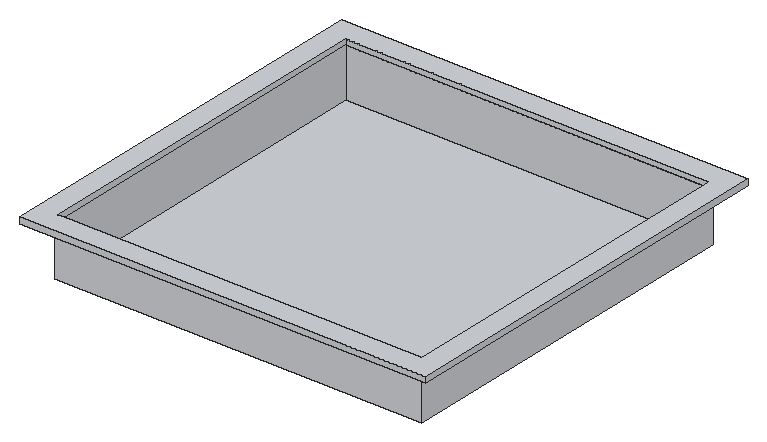
Revit family "FW-IP30-Without_Door-With_notch-leer-AT-de", category Electrical Equipment, host Face, Revit 2020
Family settings
  Host = Face
  Panel Configuration = Two Columns, Circuits Across
  Round Connector Dimension = Use Diameter
  Part Type = Panelboard
  Cut with Voids When Loaded = No
  Shared = No
  Room Calculation Point = No
Parameters (values of type "Unterputz IP30 B853 H853 T125 0 Teilungseinheiten - FWU53L")
  Width Control [instance] = if([HG000006 - Unterputz], if([EF000846 - Einbaubreite] > min_whd, [EF000846 - Einbaubreite], min_whd), if([EF000008 - Breite] > min_whd, ([EF000008 - Breite]), min_whd))  # 810 mm
  Void Depth [instance] = if([HG000006 - Unterputz], Depth Control, 1 mm)  # 112 mm
  Type Comments = [HG000003 - Bereich]  # "FW"
  System Height [instance] = Height Control - 2 * [HG000005 - Dicke]  # 796 mm
  Model = [HG000004 - Herstellerreferenz]  # "FWU53L"
  HG000011 - Leere Reihen von unten = no
  HG000010 - Asymmetrische Türen = no
  HG000009 - Doppelflügeligen Tür = no
  HG000008 - Anzahl der leeren Reihen = 0
  HG000007 - Anzahl der leeren Spalten = 0
  HG000006 - Unterputz = yes
  HG000005 - Dicke = 3 mm  # constant formula
  HG000004 - Herstellerreferenz = "FWU53L"
  HG000003 - Bereich = "FW"
  HG000002 - Mit tür = no
  HG000001 - Anzahl der Spalten = 0
  EF015941 - Signaldurchlassende Tür = no
  EF015777 - Neutralleiterklemmenblock = no
  EF015776 - Erdungsklemmenblock = no
  EF009212 - Ausführung Deckel = "EV009916 - mit Ausschnitt"
  EF006306 - Mit Schloss = no
  EF006244 - Transparenter Deckel/Tür = yes
  EF005474 - Schutzart (IP) = "EV006410 - IP30"
  EF004462 - Art der Schließung = "EV000154 - sonstige"
  EF002950 - Breite in Teilungseinheiten = 0
  EF001596 - Werkstoff des Gehäuses = "0"
  EF001134 - DIN-Schiene = no
  EF001131 - Innentiefe = 112 mm
  EF001088 - Anbaumöglichkeit = no
  EF001062 - EMV-Ausführung = no
  EF000846 - Einbaubreite = 810 mm
  EF000339 - Art der Abdeckung = "EV000494 - ohne"
  EF000332 - Einbauhöhe = 802 mm
  EF000266 - Anzahl der Reihen = 0
  EF000218 - Einbautiefe = 112 mm
  EF000118 - Mit Montageplatte = no
  EF000116 - RAL-Nummer = "0"
  EF000049 - Tiefe = 125 mm
  EF000040 - Höhe = 853 mm
  EF000008 - Breite = 853 mm
  EF000007 - Farbe = "EV000202 - weiß"
  EF000003 - Montageart = "EV000128 - Hohlwand"
  Arrow Offset [instance] = Depth Control / 8  # 14 mm
  Arrow Height [instance] = Depth Control - Arrow Offset  # 98 mm
  Host Offset [instance] = if([HG000006 - Unterputz], 0 mm, [EF000049 - Tiefe])  # 0 mm
  min_whd [instance] = (2 * [HG000005 - Dicke]) + 1 mm  # 7 mm
  Manufacturer = "Hager"  # constant formula
  Height Control [instance] = if([HG000006 - Unterputz], if([EF000332 - Einbauhöhe] > min_whd, [EF000332 - Einbauhöhe], min_whd), if([EF000040 - Höhe] > min_whd, ([EF000040 - Höhe]), min_whd))  # 802 mm
  Flush Mounted - Door Frame Width [instance] = if(([EF000040 - Höhe] - [EF000332 - Einbauhöhe]) > 0 mm, if([HG000006 - Unterputz], [EF000040 - Höhe] - [EF000332 - Einbauhöhe], 0 mm), 0 mm)  # 51 mm
  Tür rechts [instance] = yes
  Tür links [instance] = not(Tür rechts)  # no
  Türschwenkwinkel [instance] = 45.00°
  3D-Türsichtbarkeit [instance] = yes
  Depth Control [instance] = if([HG000006 - Unterputz], if([EF000218 - Einbautiefe] > 0 mm, [EF000218 - Einbautiefe], 1 mm), if([EF000049 - Tiefe] > 0 mm, ([EF000049 - Tiefe]), 1 mm))  # 112 mm
  Default Elevation = 0 mm
  Sichtbarkeit der Türöffnung [instance] = no
Types (16, lengths in mm): name | Width Control | System Height | Model | HG000004 - Herstellerreferenz | EF000846 - Einbaubreite | EF000332 - Einbauhöhe | EF000040 - Höhe | EF000008 - Breite | Height Control
  Unterputz IP30 B353 H1003 T125 0 Teilungseinheiten - FWU61L | 310 | 946 | "FWU61L" | "FWU61L" | 310 | 952 | 1003 | 353 | 952
  Unterputz IP30 B353 H1153 T125 0 Teilungseinheiten - FWU71L | 310 | 1096 | "FWU71L" | "FWU71L" | 310 | 1102 | 1153 | 353 | 1102
  Unterputz IP30 B353 H1303 T125 0 Teilungseinheiten - FWU81L | 310 | 1246 | "FWU81L" | "FWU81L" | 310 | 1252 | 1303 | 353 | 1252
  Unterputz IP30 B353 H553 T125 0 Teilungseinheiten - FWU31L | 310 | 496 | "FWU31L" | "FWU31L" | 310 | 502 | 553 | 353 | 502
  Unterputz IP30 B353 H703 T125 0 Teilungseinheiten - FWU41L | 310 | 646 | "FWU41L" | "FWU41L" | 310 | 652 | 703 | 353 | 652
  Unterputz IP30 B353 H853 T125 0 Teilungseinheiten - FWU51L | 310 | 796 | "FWU51L" | "FWU51L" | 310 | 802 | 853 | 353 | 802
  Unterputz IP30 B603 H1003 T125 0 Teilungseinheiten - FWU62L | 560 | 946 | "FWU62L" | "FWU62L" | 560 | 952 | 1003 | 603 | 952
  Unterputz IP30 B603 H1153 T125 0 Teilungseinheiten - FWU72L | 560 | 1096 | "FWU72L" | "FWU72L" | 560 | 1102 | 1153 | 603 | 1102
  Unterputz IP30 B603 H553 T125 0 Teilungseinheiten - FWU32L | 560 | 496 | "FWU32L" | "FWU32L" | 560 | 502 | 553 | 603 | 502
  Unterputz IP30 B603 H703 T125 0 Teilungseinheiten - FWU42L | 560 | 646 | "FWU42L" | "FWU42L" | 560 | 652 | 703 | 603 | 652
  Unterputz IP30 B603 H853 T125 0 Teilungseinheiten - FWU52L | 560 | 796 | "FWU52L" | "FWU52L" | 560 | 802 | 853 | 603 | 802
  Unterputz IP30 B853 H1003 T125 0 Teilungseinheiten - FWU63L | 810 | 946 | "FWU63L" | "FWU63L" | 810 | 952 | 1003 | 853 | 952
  Unterputz IP30 B853 H1153 T125 0 Teilungseinheiten - FWU73L | 810 | 1096 | "FWU73L" | "FWU73L" | 810 | 1102 | 1153 | 853 | 1102
  Unterputz IP30 B853 H553 T125 0 Teilungseinheiten - FWU33L | 810 | 496 | "FWU33L" | "FWU33L" | 810 | 502 | 553 | 853 | 502
  Unterputz IP30 B853 H703 T125 0 Teilungseinheiten - FWU43L | 810 | 646 | "FWU43L" | "FWU43L" | 810 | 652 | 703 | 853 | 652
  Unterputz IP30 B853 H853 T125 0 Teilungseinheiten - FWU53L | 810 | 796 | "FWU53L" | "FWU53L" | 810 | 802 | 853 | 853 | 802
Reference planes
  plane 1 "Center (Front/Back)": y = 0
  plane 2: z = 0
  plane 3 "Center (Left/Right)": x = 0
  plane 4: z = 0
  plane 5: y = 54
  plane 6: z = -5
  plane 7: y = 452
  plane 8: y = 51
  plane 9: y = 853
  plane 10: z = -112
  plane 11: x = -405
  plane 12: x = 405
  plane 13: x = 402
  plane 14: x = -402
  plane 15: y = 850
  plane 16: z = -109
  plane 17: z = -3
  plane 18: z = -112
  plane 19: z = -3
Forms (mm)
  Extrusion 1, solid
    sketch origin (-583.045, 51, 1219.2) x (-1, 0, 0) y (0, 0, 1)
      loop
        line (-178.045, -1219.2) -> (-988.045, -1219.2) -> (-988.045, -1331.2) -> (-178.045, -1331.2) -> (-178.045, -1219.2)
    from 0 to 802 <- "Height Control"
  Extrusion 2, void
    sketch origin (-381.607, -4572, 0) x (0, -1, 0) y (-1, 0, 0)
      loop
        line (-5422, 20.393) -> (-5422, -783.607) -> (-4626, -783.607) -> (-4626, 20.393) -> (-5422, 20.393)
    from 0 to 109
  Extrusion 3, void
    sketch origin (0, 0, 0) x (1, 0, 0) y (0, 1, 0)
      loop
        line (-405, 51) -> (405, 51) -> (405, 853) -> (-405, 853) -> (-405, 51)
    from -112 to 1
  Extrusion 4, solid, detail levels coarse
    sketch origin (-381.607, -4572, 0) x (-1, 0, 0) y (0, -1, 0)
      loop
        line (20.393, -5422) -> (20.393, -4626) -> (-783.607, -4626) -> (-783.607, -5422) -> (20.393, -5422)
    from 0 to -3
Cuts and joins
  Extrusion 2 cuts Extrusion 1
Dimensions and locks
  plane 4 to plane 6 = 5 mm
  "Host Offset": plane 4 to host face
  "Flush Mounted - Door Frame Width": plane 1 "Center (Front/Back)" to plane 8
  "HG000005 - Dicke": plane 5 to plane 8
  locked: connector elem to plane 3 "Center (Left/Right)"
  "Height Control": plane 9 to plane 8
  equal spacing: plane 9, plane 7, plane 8
  locked: connector elem to plane 7
  "Depth Control": plane 4 to plane 10
  "HG000005 - Dicke": plane 11 to plane 14
  "HG000005 - Dicke": plane 12 to plane 13
  equal spacing: plane 11, plane 3 "Center (Left/Right)", plane 12
  "Width Control": plane 11 to plane 12
  "Arrow Offset": nested 4 to plane 10
  "HG000005 - Dicke": plane 9 to plane 15
  "HG000005 - Dicke": plane 16 to plane 10
  "HG000005 - Dicke": plane 4 to plane 17
  "Void Depth": plane 2 to plane 18
  "HG000005 - Dicke": plane 4 to plane 19
  aligned and locked: plane 2 to host face
  aligned and locked: level to host face
  aligned and locked: plane 3 "Center (Left/Right)" to nested 2
  aligned and locked: nested 2 to plane 4
  aligned and locked: nested 2 to plane 8
  aligned and locked: nested 1 to plane 6
  aligned and locked: nested 1 to plane 5
  aligned and locked: nested 4 to plane 11
  aligned and locked: nested 3 to plane 4
  aligned and locked: Extrusion 1 sketch curve to plane 12
  aligned and locked: Extrusion 1 sketch curve to plane 11
  aligned and locked: nested 3 to plane 10
  aligned and locked: plane 10 to Extrusion 1 sketch curve
  aligned and locked: Extrusion 2 sketch curve to plane 5
  aligned and locked: Extrusion 2 sketch curve to plane 15
  aligned and locked: Extrusion 2 sketch curve to plane 14
  aligned and locked: Extrusion 2 sketch curve to plane 13
  aligned and locked: plane 11 to Extrusion 3 sketch curve
  aligned and locked: plane 9 to Extrusion 3 sketch curve
  aligned and locked: Extrusion 3 sketch curve to plane 8
  aligned and locked: plane 12 to Extrusion 3 sketch curve
  aligned and locked: nested 3 to plane 12
  aligned and locked: Extrusion 3 to plane 18
  aligned and locked: Extrusion 2 to plane 16
  aligned and locked: Extrusion 1 sketch curve to plane 4
  aligned and locked: Extrusion 4 to plane 17
  aligned and locked: Extrusion 4 sketch curve to plane 15
  aligned and locked: Extrusion 4 sketch curve to plane 13
  aligned and locked: Extrusion 4 sketch curve to plane 14
  aligned and locked: Extrusion 4 sketch curve to plane 5
Automatic sketch dimensions
  host sketch curve to host sketch curve = 1469.727 mm
  host sketch curve to host sketch curve = 1318.837 mm
Nested families
  nested 1: "Hager_Enclosure_System" at (0, 54, -5) x (1, 0, 0) z (0, 1, 0), Depth <- "HG000005 - Dicke", Height <- "System Height", Width <- "EF000008 - Breite", Border <- "HG000005 - Dicke", Flush_Mounted <- "HG000006 - Unterputz", Built-in_Width <- "EF000846 - Einbaubreite", Row_Module_Multiplicator <- "EF002950 - Breite in Teilungseinheiten", Total_No_Empty_Rows <- "HG000008 - Anzahl der leeren Reihen", Total_No_Rows <- "EF000266 - Anzahl der Reihen", Empty_Columns <- "HG000007 - Anzahl der leeren Spalten", No_Rows <- "EF000266 - Anzahl der Reihen", No_Columns <- "HG000001 - Anzahl der Spalten", Width_Control <- "Width Control", Empty_Rows_From_Bottom <- "HG000011 - Leere Reihen von unten", type "Hager_Enclosure_System", detail levels medium+fine
    with Width_Control 810 mm, Width 853 mm, Total_No_Rows 0, Total_No_Empty_Rows 0, Total_No_Columns 1, System_Width 804 mm, Rows_Column 0, Row_Module_Multiplicator 0, Panel_4 no, Panel_3 no, Panel_2 no, Panel_1 no, No_Rows 0, No_Panels_Ctrl 1, No_Columns 0, Hide_Columns yes, Height 796 mm, Flush_Mounted yes, Empty_Rows_From_Bottom no, Empty_Rows_Column 0, Empty_Columns 0, Depth 3 mm, Column_Width 804 mm, Built-in_Width 810 mm, Border 3 mm
  nested 2: "Hager_Enclosure_Door" at (0, 51, 0) x (1, 0, 0) z (0, 1, 0), Border <- "HG000005 - Dicke", Door_Right <- "Tür rechts", Flush_Mounted <- "HG000006 - Unterputz", Depth <- "EF000049 - Tiefe", Width <- "EF000008 - Breite", Door_Left <- "Tür links", 3d_Door <- "3D-Türsichtbarkeit", BuiltIn_Width <- "EF000846 - Einbaubreite", BuiltIn_Height <- "EF000332 - Einbauhöhe", BuiltIn_Depth <- "EF000218 - Einbautiefe", Angle <- "Türschwenkwinkel", Assymetrical <- "HG000010 - Asymmetrische Türen", Double <- "HG000009 - Doppelflügeligen Tür", Clearance <- "Sichtbarkeit der Türöffnung", Transparent <- "EF006244 - Transparenter Deckel/Tür", Door <- "HG000002 - Mit tür", Height_Ctrl <- "Height Control", Width_Ctrl <- "Width Control", Height <- "EF000040 - Höhe", type "Hager_Enclosure_Door", detail levels medium+fine
    with min_wh 7 mm, Width_Ctrl 810 mm, Width 853 mm, Transparent yes, Leaf_Width 801 mm, Leaf_Tolerance 1.5 mm, Leaf_Height 793 mm, Leaf_2_Width 801 mm, Leaf_2_Offset 400.5 mm, Leaf_1_Width 801 mm, Leaf_1_Offset 400.5 mm, Height_Ctrl 802 mm, Height 853 mm, Frame_Width_Ctrl 43 mm, Frame_Width 43 mm, Frame_Internal_Offset 3 mm, Frame_Height_Ctrl 51 mm, Frame_Height 51 mm, Frame_Depth_Ctrl 13 mm, Frame_Depth 13 mm, Flush_Mounted yes, Double_Clearance_Ctrl no, Double no, Door_Right_Ctrl no, Door_Right yes, Door_Left_Ctrl no, Door_Left no, Door no, Depth 125 mm, Clearance_Depth 801 mm, Clearance_Ctrl no, Clearance no, BuiltIn_Width 810 mm, BuiltIn_Height 802 mm, BuiltIn_Depth 112 mm, Border 3 mm, Assymetrical no, Angle 45.00°, 3d_Door yes
  nested 3: "Hager_Enclosure_Symbol_Triangle" at (-405, 0, -112) x (1, 0, 0) z (0, -1, 0), Depth <- "Depth Control", Width <- "Width Control", type "Hager_Enclosure_Symbol_Triangle"
    with Width_Ctrl 810 mm, Width 810 mm, Depth_Ctrl 112 mm, Depth 112 mm
  nested 4: "Hager_Enclosure_Symbol_Arrow" at (-405, 0, -98) x (1, 0, 0) z (0, -1, 0), Height <- "Arrow Height", type "Hager_Enclosure_Symbol_Arrow"
    with Width_Inside 7.35 mm, Width 88.2 mm, Height_Ctrl 98 mm, Height 98 mm
Connectors
  electrical at (0, 452, -112)
    settings: on plane 10, index 1, voltage 0 V, apparent load 0 VA, apparent load phase1 0 VA, apparent load phase2 0 VA, apparent load phase3 0 VA, power factor 1, load classification "Other", number of poles 1, system type 30, power factor state 1, is connector primary yes, connector utility no, sub classification motor no, connector description ""
Definition of nested family "Hager_Enclosure_Door"
  Parameters (values of type "Hager_Enclosure_Door")
    min_wh [instance] = (2 * Border) + 1 mm  # 11 mm
    Width_Ctrl [instance] = 400 mm
    Width [instance] = 500 mm
    Transparent [instance] = yes
    Leaf_Width [instance] = if((Width_Ctrl - 2 * Border - 2 * Leaf_Tolerance) > 0 mm, (Width_Ctrl - 2 * Border - 2 * Leaf_Tolerance), min_wh)  # 387 mm
    Leaf_Tolerance [instance] = 1.5 mm  # constant formula
    Leaf_Height [instance] = if((Height_Ctrl - 2 * Border - 2 * Leaf_Tolerance) > 0 mm, (Height_Ctrl - 2 * Border - 2 * Leaf_Tolerance), min_wh)  # 387 mm
    Leaf_2_Width [instance] = if(and(and(Double, Assymetrical), Door_Left), (Leaf_Width / 3) - (Leaf_Tolerance / 2), if(and(and(Double, Assymetrical), Door_Right), (Leaf_Width / 3) * 2 - (Leaf_Tolerance / 2), if(and(Double, not(Assymetrical)), (Leaf_Width / 2) - Leaf_Tolerance, Leaf_Width)))  # 192 mm
    Leaf_2_Offset [instance] = if(and(Double, Assymetrical), Leaf_2_Width / 2, if(and(Double, not(Assymetrical)), Leaf_Width / 4, Leaf_Width / 2))  # 96.75 mm
    Leaf_1_Width [instance] = if(and(and(Double, Assymetrical), Door_Right), (Leaf_Width / 3) - (Leaf_Tolerance / 2), if(and(and(Double, Assymetrical), Door_Left), (Width / 3) * 2 - (Leaf_Tolerance / 2), if(and(Double, not(Assymetrical)), (Leaf_Width / 2) - Leaf_Tolerance, Leaf_Width)))  # 192 mm
    Leaf_1_Offset [instance] = if(and(Double, Assymetrical), Leaf_1_Width / 2, if(and(Double, not(Assymetrical)), Leaf_Width / 4, Leaf_Width / 2))  # 96.75 mm
    Height_Ctrl [instance] = 400 mm
    Height [instance] = 500 mm
    Frame_Width_Ctrl [instance] = if(Frame_Width > 0 mm, Frame_Width, 1 mm)  # 1 mm
    Frame_Width [instance] = Width - BuiltIn_Width  # 0 mm
    Frame_Internal_Offset [instance] = if(Flush_Mounted, Border, 0 mm)  # 0 mm
    Frame_Height_Ctrl [instance] = if(Frame_Height > 0 mm, Frame_Height, 1 mm)  # 1 mm
    Frame_Height [instance] = Height - BuiltIn_Height  # 0 mm
    Frame_Depth_Ctrl [instance] = if(Frame_Depth > 0 mm, Frame_Depth, 1 mm)  # 1 mm
    Frame_Depth [instance] = if(Depth - BuiltIn_Depth > 0 mm, if(Flush_Mounted, Depth - BuiltIn_Depth, 0 mm), 0 mm)  # 0 mm
    Flush_Mounted [instance] = no
    Double_Clearance_Ctrl [instance] = and(Double, Clearance)  # yes
    Double [instance] = yes
    Door_Right_Ctrl [instance] = and(or(Door_Right, Double), Door)  # yes
    Door_Right [instance] = yes
    Door_Left_Ctrl [instance] = and(or(Door_Left, Double), Door)  # yes
    Door_Left [instance] = no
    Door [instance] = yes
    Depth [instance] = 500 mm
    Default Elevation = 1219.2 mm
    Clearance_Material = none
    Clearance_Depth [instance] = if(Leaf_1_Width > Leaf_2_Width, Leaf_1_Width, Leaf_2_Width)  # 192 mm
    Clearance_Ctrl [instance] = and(not(Double), Clearance)  # no
    Clearance [instance] = yes
    BuiltIn_Width [instance] = 500 mm
    BuiltIn_Height [instance] = 500 mm
    BuiltIn_Depth [instance] = 500 mm
    Border [instance] = 5 mm
    Assymetrical [instance] = no
    Angle [instance] = 65.00°
    3d_Door [instance] = yes
  Reference planes
    plane 1 "Center (Front/Back)": y = 0
    plane 2 "Bottom": z = 0
    plane 3 "Center (Left/Right)": x = 0
    plane 4: z = 400
    plane 5: x = -200
    plane 6: x = 200
    plane 7: z = 395
    plane 8: x = -195
    plane 9: z = 5
    plane 10: x = 195
    plane 11: y = 0
    plane 12: z = 6.5
    plane 13: x = -387
    plane 14: y = -192
    plane 15: x = 387
    plane 16: x = -96.75
    plane 17: x = 96.75
    plane 18: x = -193.5
    plane 19: x = 193.5
    plane 20: z = 393.5
  Forms (mm)
    Extrusion 1, solid, visible <- "Flush_Mounted"
      sketch origin (0, 0, 0) x (1, 0, 0) y (0, 0, 1)
        loop
          line (200, 0) -> (200, 400) -> (-200, 400) -> (-200, 0) -> (200, 0)
        loop
          line (-201, 401) -> (-201, -1) -> (201, -1) -> (201, 401) -> (-201, 401)
      from 0 to 1 <- "Frame_Depth_Ctrl"
    Extrusion 2, solid, material <- "Clearance_Material", visible <- "Double_Clearance_Ctrl"
      sketch origin (1200, 0, 0) x (1, 0, 0) y (0, 0, -1)
        loop
          line (-1587, -393.5) -> (-813, -393.5) -> (-813, 0) -> (-1587, 0) -> (-1587, -393.5)
      from 0 to -192
  Dimensions and locks
    equal spacing: plane 5, plane 3 "Center (Left/Right)", plane 6
    "Width_Ctrl": plane 5 to plane 6
    "Border": plane 5 to plane 8
    "Border": plane 6 to plane 10
    "Border": plane 9 to level
    "Border": plane 4 to plane 7
    "Height_Ctrl": plane 4 to level
    "Leaf_Tolerance": plane 12 to plane 9
    "Frame_Depth": plane 11 to plane 1 "Center (Front/Back)"
    "Frame_Width_Ctrl": plane 5 to Extrusion 1 sketch curve
    "Frame_Width_Ctrl": plane 6 to Extrusion 1 sketch curve
    "Frame_Width_Ctrl": Extrusion 1 sketch curve to plane 4
    "Frame_Width_Ctrl": plane 2 "Bottom" to Extrusion 1 sketch curve
    "Leaf_1_Offset": plane 18 to plane 16
    "Leaf_2_Offset": plane 17 to plane 19
    "Leaf_1_Width": plane 13 to plane 8
    "Leaf_2_Width": plane 10 to plane 15
    "Clearance_Depth": plane 14 to plane 1 "Center (Front/Back)"
    "Leaf_Tolerance": plane 8 to plane 18
    "Leaf_Tolerance": plane 19 to plane 10
    "Leaf_Tolerance": plane 7 to plane 20
    "Frame_Internal_Offset": plane 5 to Extrusion 1 sketch curve
    "Frame_Internal_Offset": Extrusion 1 sketch curve to plane 2 "Bottom"
    "Frame_Internal_Offset": plane 6 to Extrusion 1 sketch curve
    "Frame_Internal_Offset": plane 4 to Extrusion 1 sketch curve
    aligned and locked: level to plane 2 "Bottom"
    aligned and locked: nested 1 to plane 16
    aligned and locked: nested 2 to plane 17
    aligned and locked: Extrusion 2 to plane 13
    aligned and locked: plane 15 to Extrusion 2
    aligned and locked: Extrusion 2 to plane 14
    aligned and locked: plane 12 to nested 1
    aligned and locked: nested 2 to plane 12
    aligned and locked: Extrusion 2 to plane 11
    aligned and locked: plane 20 to Extrusion 2
    aligned and locked: nested 2 to plane 11
    aligned and locked: nested 1 to plane 11
  Automatic sketch dimensions
    Extrusion 2 sketch curve to level = 0 mm
    plane 5 to Extrusion 2 sketch curve = 187 mm
    plane 6 to Extrusion 2 sketch curve = 187 mm
    Extrusion 2 sketch curve to plane 4 = 6.5 mm
  Nested families
    nested 1: "Hager_Enclosure_Door_Leaf" at (-96.75, 0, 6.5), Width <- "Leaf_1_Width", visible <- "Door_Left_Ctrl", Leaf_Height <- "Leaf_Height", Angle <- "Angle", Depth <- "Border", 3d_Door <- "3d_Door", Transparent <- "Transparent", Clearance Material <- "Clearance_Material", Clearance <- "Clearance_Ctrl", type "Hager_Enclosure_Door_Leaf"
      with Width 192 mm, Transparent_Door_Border 25 mm, Transparent_Ctrl yes, Transparent yes, Standard no, Leaf_Height 387 mm, Glass_Offset 1 mm, Depth 5 mm, Clearance Material none, Clearance no, Angle_Ctrl 65.00°, Angle 65.00°, 3d_Door yes
    nested 2: "Hager_Enclosure_Door_Leaf" at (96.75, 0, 6.5) x (-1, 0, 0) z (0, 0, 1), Width <- "Leaf_2_Width", visible <- "Door_Right_Ctrl", Leaf_Height <- "Leaf_Height", Angle <- "Angle", Depth <- "Border", 3d_Door <- "3d_Door", Transparent <- "Transparent", Clearance Material <- "Clearance_Material", Clearance <- "Clearance_Ctrl", type "Hager_Enclosure_Door_Leaf"
      with Width 192 mm, Transparent_Door_Border 25 mm, Transparent_Ctrl yes, Transparent yes, Standard no, Leaf_Height 387 mm, Glass_Offset 1 mm, Depth 5 mm, Clearance Material none, Clearance no, Angle_Ctrl 65.00°, Angle 65.00°, 3d_Door yes
  Definition of nested family "Hager_Enclosure_Door_Leaf"
    Parameters (values of type "Hager_Enclosure_Door_Leaf")
      Width [instance] = 200 mm
      Transparent_Door_Border [instance] = 25 mm  # constant formula
      Transparent_Ctrl [instance] = and(Transparent, [3d_Door])  # yes
      Transparent [instance] = yes
      Standard [instance] = and(not(Transparent), [3d_Door])  # no
      Leaf_Height [instance] = 500 mm
      Glass_Offset [instance] = if((Depth - 10 mm) / 2 > 0 mm, (Depth - 10 mm) / 2, 1 mm)  # 1 mm
      Glass_Material = none
      Depth [instance] = 3 mm
      Default Elevation = 0 mm
      Clearance Material [instance] = none
      Clearance [instance] = no
      Angle_Ctrl [instance] = if(Angle > 170.00°, 170.00°, Angle)  # 163.00°
      Angle [instance] = 163.00°
      3d_Door [instance] = yes
    Reference planes
      plane 1 "Center (Front/Back)": y = 0
      plane 2: z = 0
      plane 3 "Center (Left/Right)": x = 0
      plane 4: y = 200
      plane 5: x = -100
      plane 6: x = 100
      plane 7: x = -300
      plane 8: z = 500
      plane 9: z = 25
      plane 10: z = 475
      plane 11: x = 75
      plane 12: x = -75
    Forms (mm)
      Extrusion 1, solid, material <- "Clearance Material", visible <- "Clearance"
        sketch origin (0, 0, 0) x (1, 0, 0) y (0, 0, 1)
          loop
            line (-300, 500) -> (-300, 0) -> (100, 0) -> (100, 500) -> (-300, 500)
        from 0 to -200
      Extrusion 2, solid, visible <- "Standard", detail levels fine
        sketch origin (-100, 0, 0) x (-0.956305, 0.292372, 0) y (-0.292372, -0.956305, 0)
          loop
            line (0, -3) -> (200, -3) -> (200, 0) -> (0, 0) -> (0, -3)
        from 0 to 500 <- "Leaf_Height"
      Extrusion 3, solid, visible <- "Transparent_Ctrl", detail levels fine
        sketch origin (-100, 0, 0) x (-0.956305, 0.292372, 0) y (-0.292372, -0.956305, 0)
          loop
            line (0, -3) -> (200, -3) -> (200, 0) -> (0, 0) -> (0, -3)
        from 0 to 500 <- "Leaf_Height"
      Extrusion 4, void, detail levels fine
        sketch origin (-100, 0, 0) x (-0.292372, -0.956305, 0) y (-0.956305, 0.292372, 0)
          loop
            line (0, 25) -> (0, 175) -> (-3, 175) -> (-3, 25) -> (0, 25)
        from -475 to -25
      Extrusion 5, solid, material <- "Glass_Material", visible <- "Transparent_Ctrl", detail levels fine
        sketch origin (-100, 0, 0) x (-0.956305, 0.292372, 0) y (-0.292372, -0.956305, 0)
          loop
            line (25, -1) -> (25, -2) -> (175, -2) -> (175, -1) -> (25, -1)
        from 25 to 475
    Cuts and joins
      Extrusion 4 cuts Extrusion 3
    Lines and regions (mm)
      symbolic lines
        curve 1: line (100, 0, 0) -> (-300, 0, 0)
        curve 2: arc (100, 0, 0) -> (-100, 200, 0) -> (-300, 0, 0) r 200
        curve 4: line (-100, 0, 0) -> (-291.261, 58.474, 0)
      reference lines
        curve 3: line (-100, 0, 0) -> (-291.261, 58.474, 0)
      symbolic lines, detail levels medium+fine
        curve 5: line (-291.261, 58.474, 0) -> (-290.384, 61.343, 0)
        curve 6: line (-290.384, 61.343, 0) -> (-99.123, 2.869, 0)
        curve 7: line (-99.123, 2.869, 0) -> (-100, 0, 0)
      symbolic lines, detail levels fine
        curve 8: line (-100, 0, 500) -> (100, 0, 500)
        curve 9: line (-100, 0, 0) -> (-100, 0, 500)
        curve 10: line (100, 0, 0) -> (-100, 0, 0)
        curve 11: line (100, 0, 500) -> (100, 0, 0)
      symbolic lines, visible <- "Transparent_Ctrl", detail levels fine
        curve 12: line (-75, 0, 475) -> (75, 0, 475)
        curve 13: line (-75, 0, 25) -> (-75, 0, 475)
        curve 14: line (75, 0, 25) -> (-75, 0, 25)
        curve 15: line (75, 0, 475) -> (75, 0, 25)
    Dimensions and locks
      "Width": plane 1 "Center (Front/Back)" to plane 4
      equal spacing: plane 5, plane 3 "Center (Left/Right)", plane 6
      "Width": plane 5 to plane 6
      "Width": plane 7 to plane 5
      "Leaf_Height": plane 8 to level
      "Depth": curve 6 to curve 3
      "Width": curve 5 to curve 3
      "Width": curve 3 to curve 3
      "Transparent_Door_Border": Extrusion 4 sketch curve to curve 7
      "Transparent_Door_Border": Extrusion 4 sketch curve to curve 5
      "Transparent_Door_Border": plane 8 to plane 10
      "Transparent_Door_Border": plane 9 to level
      "Glass_Offset": Extrusion 5 sketch curve to curve 4
      "Glass_Offset": Extrusion 5 sketch curve to curve 6
      "Transparent_Door_Border": Extrusion 5 sketch curve to curve 5
      "Transparent_Door_Border": Extrusion 5 sketch curve to curve 7
      "Transparent_Door_Border": plane 12 to plane 5
      "Transparent_Door_Border": plane 6 to plane 11
      "Angle_Ctrl": angle plane 1 "Center (Front/Back)" to curve 3
      aligned and locked: level to plane 2
      aligned and locked: Extrusion 1 to curve 1
      aligned and locked: plane 6 to Extrusion 1
      aligned and locked: plane 1 "Center (Front/Back)" to Extrusion 1
      aligned and locked: plane 4 to Extrusion 1
      aligned and locked: plane 8 to Extrusion 1
      aligned and locked: curve 4 to curve 3
      aligned and locked: Extrusion 2 sketch curve to curve 7
      aligned and locked: Extrusion 2 sketch curve to curve 6
      aligned and locked: Extrusion 2 sketch curve to curve 5
      aligned and locked: Extrusion 2 sketch curve to curve 3
      aligned and locked: curve 7 to Extrusion 3 sketch curve
      aligned and locked: Extrusion 3 sketch curve to curve 4
      aligned and locked: Extrusion 3 sketch curve to curve 6
      aligned and locked: Extrusion 3 sketch curve to curve 5
      aligned and locked: curve 4 to Extrusion 4 sketch curve
      aligned and locked: curve 6 to Extrusion 4 sketch curve
      aligned and locked: Extrusion 4 to plane 9
      aligned and locked: Extrusion 4 to plane 10
      aligned and locked: Extrusion 5 to plane 9
      aligned and locked: Extrusion 5 to plane 10
      aligned and locked: curve 8 to plane 8
      aligned and locked: plane 5 to curve 9
      aligned and locked: plane 2 to curve 10
      aligned and locked: curve 11 to plane 6
      aligned and locked: plane 10 to curve 12
      aligned and locked: plane 12 to curve 13
      aligned and locked: plane 9 to curve 14
      aligned and locked: plane 11 to curve 15
    Automatic sketch dimensions
      plane 1 "Center (Front/Back)" to curve 2 = 0 mm
      curve 2 to plane 5 = 0 mm
      Extrusion 1 sketch curve to level = 0 mm
      Extrusion 1 sketch curve to plane 7 = 0 mm
      Extrusion 1 sketch curve to plane 6 = 0 mm
      Extrusion 1 sketch curve to plane 8 = 0 mm
      plane 1 "Center (Front/Back)" to curve 3 = 0 mm
      curve 3 to plane 5 = 0 mm
      curve 7 to curve 3 = 0 mm
Definition of nested family "Hager_Enclosure_Symbol_Triangle"
  Parameters (values of type "Hager_Enclosure_Symbol_Triangle")
    Width_Ctrl [instance] = if(Width > 1 mm, Width, 1 mm)  # 498 mm
    Width [instance] = 498 mm
    Depth_Ctrl [instance] = if(Depth > 1 mm, Depth, 1 mm)  # 72 mm
    Depth [instance] = 72 mm
  Reference planes
    plane 1 "Centre (avant/arrière)": y = 0
    plane 2: z = 0
    plane 3 "Centre (gauche/droite)": x = 0
  Lines and regions (mm)
    Filled region 1, type "Solid_Black", in view "Niveau de réf."
      outline origin (0, 0, 0) x (1, 0, 0) y (0, 1, 0)
        loop
          line (0, 0) -> (498, 0) -> (498, 72) -> (0, 0)
    reference lines, in view "Niveau de réf."
      curve 1: line (-206.153, 72, 0) -> (1083.258, 72, 0)
      curve 2: line (498, 405.456, 0) -> (498, -517.619, 0)
  Dimensions and locks
    "Depth_Ctrl": plane 1 "Centre (avant/arrière)" to curve 1
    "Width_Ctrl": plane 3 "Centre (gauche/droite)" to curve 2
    aligned and locked: curve 1 to Filled region 1 sketch curve
    aligned and locked: Filled region 1 sketch curve to plane 1 "Centre (avant/arrière)"
    aligned and locked: curve 2 to Filled region 1 sketch curve
    aligned and locked: plane 3 "Centre (gauche/droite)" to Filled region 1 sketch curve
    aligned and locked: plane 1 "Centre (avant/arrière)" to Filled region 1 sketch curve
  Automatic sketch dimensions
    curve 1 to plane 3 "Centre (gauche/droite)" = 206.153 mm
    curve 2 to curve 1 = 585.258 mm
    plane 1 "Centre (avant/arrière)" to curve 2 = 517.619 mm
    curve 2 to plane 1 "Centre (avant/arrière)" = 405.456 mm
Definition of nested family "Hager_Enclosure_Symbol_Arrow"
  Parameters (values of type "Hager_Enclosure_Symbol_Arrow")
    Width_Inside [instance] = if(Width / 12 > 2 mm, Width / 12, 2 mm)  # 4.987 mm
    Width [instance] = if(Height_Ctrl * 0.9 > 2 mm, Height_Ctrl * 0.9, 2 mm)  # 59.85 mm
    Height_Ctrl [instance] = if(Height > 2 mm, Height, 2 mm)  # 66.5 mm
    Height [instance] = 66.5 mm
  Reference planes
    plane 1 "Centre (avant/arrière)": y = 0
    plane 2: z = 0
    plane 3 "Centre (gauche/droite)": x = 0
    plane 4: x = 59.85
    plane 5: y = 28.263
    plane 6: y = 38.238
    plane 7: y = 66.5
    plane 8: x = 29.925
    plane 9: y = 33.25
  Lines and regions (mm)
    Filled region 1, type "Solid_Black", in view "Niveau de réf."
      outline origin (0, 0, 0) x (1, 0, 0) y (0, 1, 0)
        loop
          line (59.85, 66.5) -> (37.929, 52.827) -> (51.846, 41.935) -> (59.85, 66.5)
    detail lines, in view "Niveau de réf."
      curve 1: line (0, 0, 0) -> (29.925, 38.238, 0)
      curve 2: line (29.925, 38.238, 0) -> (29.925, 28.263, 0)
      curve 3: line (29.925, 28.263, 0) -> (59.85, 66.5, 0)
  Dimensions and locks
    "Width": plane 3 "Centre (gauche/droite)" to plane 4
    "Height_Ctrl": plane 7 to plane 1 "Centre (avant/arrière)"
    equal spacing: plane 3 "Centre (gauche/droite)", plane 8, plane 4
    equal spacing: plane 7, plane 9, plane 1 "Centre (avant/arrière)"
    equal spacing: plane 6, plane 9, plane 5
    "Width_Inside": plane 6 to plane 9
    equal spacing: curve 3, Filled region 1 sketch curve, Filled region 1 sketch curve
    angle Filled region 1 sketch curve to curve 3 = 20.00°
    angle curve 3 to Filled region 1 sketch curve = 20.00°
    locked: curve 3 to Filled region 1 sketch curve (angle 90.00°)
  Automatic sketch dimensions
    plane 1 "Centre (avant/arrière)" to curve 1 = 0 mm
    curve 1 to plane 3 "Centre (gauche/droite)" = 0 mm
    curve 2 to plane 6 = 0 mm
    curve 3 to plane 8 = 0 mm
    curve 3 to plane 4 = 0 mm
    curve 2 to plane 5 = 0 mm
    curve 3 to plane 7 = 0 mm
    Filled region 1 sketch curve to plane 4 = 0 mm
    Filled region 1 sketch curve to plane 7 = 0 mm
